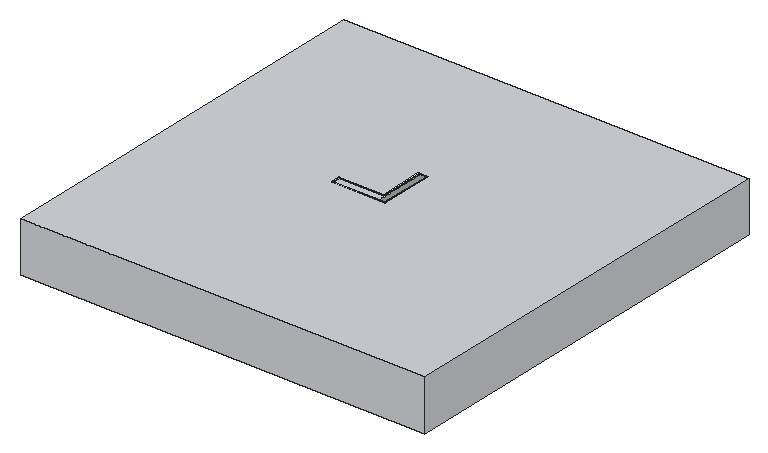
Revit family "LAMP_FIL 45 CORNER OPAL RECESSED", category Luminarias, Revit 2018
Family settings
  Anfitrión = Cara
  Cota de conector redondo = Diámetro de uso
  Tipo de pieza = Normal
  Corte con vacíos al cargar = No
  Origen de luz = Sí
  Compartido = No
  Punto de cálculo de habitación = No
Parameters (values of type "1300LM 3000K  BLACK")
  Ángulo de inclinación = -90.00°
  Weight = 1.32 kg
  Wattage = 4.43 W
  Type = "MID POWER TRIDONIC"
  built-in parameter 1150107 = 3000 (stored number, unit not read)
  Recessed dimensions = "846x51x0"
  built-in parameter 1150110 = 1 (stored number, unit not read)
  built-in parameter 1150109 = 1 (stored number, unit not read)
  built-in parameter 1150112 = 1 (stored number, unit not read)
  built-in parameter 1150113 = 1 (stored number, unit not read)
  built-in parameter 1114218 = 1 (stored number, unit not read)
  Protection rating = "IP20 / IK07"
  Product datasheet = "http://www.lamp.es/product-files/TECH/F41RECRMOOP830NB-EN.pdf"
  Product code = "F41RECRMOOP830NB"
  Product URL = "https://www.lamp.es/en/family/fil-45_413951"
  Power Supply = "220-240V 50/60Hz"
  Power = 8 W
  Plum = 9.3 W
  Photobiological risk = ""
  NOT COVER 2 [instance] = not(END COVER 2)  # no
  NOT COVER 1 [instance] = not(END COVER 1)  # no
  built-in parameter 1150137 = (empty or 0)
  built-in parameter 1150132 = 2
  Modelo = Product code  # "F41RECRMOOP830NB"
  Model Explanation = ""
  Material suspension = LAMP_Acero genérico
  Material perfil = LAMP_Aluminio Perfil Fil NG
  Material difusor = LAMP_PC Difusor Opal Fil
  Manufacturer name = "LAMP"
  Manufacturer country = "Spain"
  Manufacturer URL = "http://www.lamp.es/en"
  MacAdam = "3"
  Last update = "15/04/2021"
  Lamp = "MID-POWER LED"
  LED Lifetime = "70.000 L80 B10"
  built-in parameter 1150105 = 34.245 (stored number, unit not read)
  built-in parameter 1150102 = (empty or 0)
  Insulation class = "I"
  Installation instructions = "https://www.lamp.es/product-files/INS/1004580-C%20INSTR.%20FIL45.pdf"
  Indirect light = LAMP_FIL 45 CORNER OPAL RECESSED_INDIRECT : 1300LM 3000K
  built-in parameter 1150106 = 0.34245 (stored number, unit not read)
  IEE = "A+"
  Gear = "Electronic"
  Lumens = 430.33 lm
  Finish = "Matte black RAL 9011"
  Color Filter = 16777215
  built-in parameter 1114217 = 1 (stored number, unit not read)
  built-in parameter 1150139 = (empty or 0)
  Fabricante = Manufacturer name  # "LAMP"
  Default Elevation = 1219.2 mm
  built-in parameter 1150104 = 9.0246 (stored number, unit not read)
  Efficacy = 86.44 lm/W
  END COVER 2 [instance] = yes
  END COVER 1 [instance] = yes
  Dimensions = "318x318"
  Descripción = "FIL45 CORNER REC 1300 WW OPAL BK."
  built-in parameter 1150115 = 1 (stored number, unit not read)
  built-in parameter 1150114 = 1 (stored number, unit not read)
  built-in parameter 1150138 = (empty or 0)
  built-in parameter 1150134 = 3
  Dimming Lamp Color Temperature Shift = (empty or 0)
  CRI = "80"
  Archivo de red fotométrica = "F41RECRMOOP830NB.IES"
  built-in parameter 1150133 = 10 (stored number, unit not read)
Types (12, lengths in mm): name | built-in parameter 1150107 | Product datasheet | Product code | Plum | Modelo | Material perfil | built-in parameter 1150105 | Indirect light | built-in parameter 1150106 | Lumens | Finish | built-in parameter 1150104 | Efficacy | Descripción | Archivo de red fotométrica
  1300LM 3000K  BLACK | 3000 (stored number, unit not read) | "http://www.lamp.es/product-files/TECH/F41RECRMOOP830NB-EN.pdf" | "F41RECRMOOP830NB" | 9.3 W | "F41RECRMOOP830NB" | LAMP_Aluminio Perfil Fil NG | 34.245 (stored number, unit not read) | LAMP_FIL 45 CORNER OPAL RECESSED_INDIRECT : 1300LM 3000K | 0.34245 (stored number, unit not read) | 430.33 lm | "Matte black RAL 9011" | 9.0246 (stored number, unit not read) | 86.44 lm/W | "FIL45 CORNER REC 1300 WW OPAL BK." | "F41RECRMOOP830NB.IES"
  1300LM 3000K  GREY | 3000 (stored number, unit not read) | "http://www.lamp.es/product-files/TECH/F41RECRMOOP830NG-EN.pdf" | "F41RECRMOOP830NG" | 9.3 W | "F41RECRMOOP830NG" | LAMP_Aluminio Perfil Fil GR | 34.248 (stored number, unit not read) | LAMP_FIL 45 CORNER OPAL RECESSED_INDIRECT : 1300LM 3000K | 0.34248 (stored number, unit not read) | 430.375 lm | "Gloss grey" | 9.0255 (stored number, unit not read) | 86.44 lm/W | "FIL45 CORNER REC 1300 WW OPAL GR." | "F41RECRMOOP830NG.IES"
  1300LM 3000K  WHITE | 3000 (stored number, unit not read) | "http://www.lamp.es/product-files/TECH/F41RECRMOOP830NW-EN.pdf" | "F41RECRMOOP830NW" | 9.3 W | "F41RECRMOOP830NW" | LAMP_Aluminio Perfil Fil BL | 34.245 (stored number, unit not read) | LAMP_FIL 45 CORNER OPAL RECESSED_INDIRECT : 1300LM 3000K | 0.34245 (stored number, unit not read) | 430.33 lm | "Matte white RAL 9010" | 9.0246 (stored number, unit not read) | 86.44 lm/W | "FIL45 CORNER REC 1300 WW OPAL WH." | "F41RECRMOOP830NW.IES"
  1300LM 4000K  BLACK | 4000 (stored number, unit not read) | "http://www.lamp.es/product-files/TECH/F41RECRMOOP840NB-EN.pdf" | "F41RECRMOOP840NB" | 9.3 W | "F41RECRMOOP840NB" | LAMP_Aluminio Perfil Fil NG | 35.891 (stored number, unit not read) | LAMP_FIL 45 CORNER OPAL RECESSED_INDIRECT : 1300LM 4000K | 0.35891 (stored number, unit not read) | 451.018 lm | "Matte black RAL 9011" | 9.4585 (stored number, unit not read) | 90.8 lm/W | "FIL45 CORNER REC 1300 NW OPAL BK." | "F41RECRMOOP840NB.IES"
  1300LM 4000K  GREY | 4000 (stored number, unit not read) | "http://www.lamp.es/product-files/TECH/F41RECRMOOP840NG-EN.pdf" | "F41RECRMOOP840NG" | 9.3 W | "F41RECRMOOP840NG" | LAMP_Aluminio Perfil Fil GR | 35.891 (stored number, unit not read) | LAMP_FIL 45 CORNER OPAL RECESSED_INDIRECT : 1300LM 4000K | 0.35891 (stored number, unit not read) | 451.018 lm | "Gloss grey" | 9.4585 (stored number, unit not read) | 90.8 lm/W | "FIL45 CORNER REC 1300 NW OPAL GR." | "F41RECRMOOP840NG.IES"
  1300LM 4000K  WHITE | 4000 (stored number, unit not read) | "http://www.lamp.es/product-files/TECH/F41RECRMOOP840NW-EN.pdf" | "F41RECRMOOP840NW" | 9.3 W | "F41RECRMOOP840NW" | LAMP_Aluminio Perfil Fil BL | 35.891 (stored number, unit not read) | LAMP_FIL 45 CORNER OPAL RECESSED_INDIRECT : 1300LM 4000K | 0.35891 (stored number, unit not read) | 451.018 lm | "Matte white RAL 9010" | 9.4585 (stored number, unit not read) | 90.8 lm/W | "FIL45 CORNER REC 1300 NW OPAL WH." | "F41RECRMOOP840NW.IES"
  1300LM 3000K DALI BLACK | 3000 (stored number, unit not read) | "http://www.lamp.es/product-files/TECH/F41RECRMOOP830DB-EN.pdf" | "F41RECRMOOP830DB" | 9.6 W | "F41RECRMOOP830DB" | LAMP_Aluminio Perfil Fil NG | 34.245 (stored number, unit not read) | LAMP_FIL 45 CORNER OPAL RECESSED_INDIRECT : 1300LM 3000K | 0.34245 (stored number, unit not read) | 430.33 lm | "Matte black RAL 9011" | 9.0246 (stored number, unit not read) | 89.7 lm/W | "FIL45 CORNER REC 1300 WW OPAL DALI BK." | "F41RECRMOOP830nB.IES"
  1300LM 3000K DALI GREY | 3000 (stored number, unit not read) | "http://www.lamp.es/product-files/TECH/F41RECRMOOP830DG-EN.pdf" | "F41RECRMOOP830DG" | 9.6 W | "F41RECRMOOP830DG" | LAMP_Aluminio Perfil Fil GR | 34.245 (stored number, unit not read) | LAMP_FIL 45 CORNER OPAL RECESSED_INDIRECT : 1300LM 3000K | 0.34245 (stored number, unit not read) | 430.33 lm | "Gloss grey" | 9.0246 (stored number, unit not read) | 89.7 lm/W | "FIL45 CORNER REC 1300 WW OPAL DALI GR." | "F41RECRMOOP830nG.IES"
  1300LM 3000K DALI WHITE | 3000 (stored number, unit not read) | "http://www.lamp.es/product-files/TECH/F41RECRMOOP830DW-EN.pdf" | "F41RECRMOOP830DW" | 9.6 W | "F41RECRMOOP830DW" | LAMP_Aluminio Perfil Fil BL | 34.245 (stored number, unit not read) | LAMP_FIL 45 CORNER OPAL RECESSED_INDIRECT : 1300LM 3000K | 0.34245 (stored number, unit not read) | 430.33 lm | "Matte white RAL 9010" | 9.0246 (stored number, unit not read) | 89.7 lm/W | "FIL45 CORNER REC 1300 WW OPAL DALI WH." | "F41RECRMOOP830nW.IES"
  1300LM 4000K DALI BLACK | 4000 (stored number, unit not read) | "http://www.lamp.es/product-files/TECH/F41RECRMOOP840DB-EN.pdf" | "F41RECRMOOP840DB" | 9.6 W | "F41RECRMOOP840DB" | LAMP_Aluminio Perfil Fil NG | 35.891 (stored number, unit not read) | LAMP_FIL 45 CORNER OPAL RECESSED_INDIRECT : 1300LM 4000K | 0.35891 (stored number, unit not read) | 451.018 lm | "Matte black RAL 9011" | 9.4585 (stored number, unit not read) | 94.03 lm/W | "FIL45 CORNER REC 1300 NW OPAL DALI BK." | "F41RECRMOOP840nB.IES"
  1300LM 4000K DALI GREY | 4000 (stored number, unit not read) | "http://www.lamp.es/product-files/TECH/F41RECRMOOP840DG-EN.pdf" | "F41RECRMOOP840DG" | 9.6 W | "F41RECRMOOP840DG" | LAMP_Aluminio Perfil Fil GR | 35.891 (stored number, unit not read) | LAMP_FIL 45 CORNER OPAL RECESSED_INDIRECT : 1300LM 4000K | 0.35891 (stored number, unit not read) | 451.018 lm | "Gloss grey" | 9.4585 (stored number, unit not read) | 94.03 lm/W | "FIL45 CORNER REC 1300 NW OPAL DALI GR." | "F41RECRMOOP840nG.IES"
  1300LM 4000K DALI WHITE | 4000 (stored number, unit not read) | "http://www.lamp.es/product-files/TECH/F41RECRMOOP840DW-EN.pdf" | "F41RECRMOOP840DW" | 9.6 W | "F41RECRMOOP840DW" | LAMP_Aluminio Perfil Fil BL | 35.891 (stored number, unit not read) | LAMP_FIL 45 CORNER OPAL RECESSED_INDIRECT : 1300LM 4000K | 0.35891 (stored number, unit not read) | 451.018 lm | "Matte white RAL 9010" | 9.4585 (stored number, unit not read) | 94.03 lm/W | "FIL45 CORNER REC 1300 NW OPAL DALI WH." | "F41RECRMOOP840nW.IES"
Reference planes
  plane 1 "Centro (Frontal/Posterior)": y = 0
  plane 2: z = 0
  plane 3 "Centro (Izquierda/Derecha)": x = 0
Forms (mm)
  Extrusion 1, solid
    sketch origin (0, 0, 0) x (1, 0, 0) y (0, 1, 0)
      loop
        line (-1219.2, 1219.2) -> (-1219.2, -1219.2) -> (1219.2, -1219.2) -> (1219.2, 1219.2) -> (-1219.2, 1219.2)
    from 0 to -304.8
  Sweep 2, solid, material "LAMP_Aluminio Perfil Fil NG" <- "Material perfil"
    path origin (0, 0, 0) x (1, 0, 0) y (0, 1, 0)
      loop
        line (0, 290.5) -> (0, 0) -> (-290.5, 0)
    profile origin (-145.25, 0, 0) x (0, -1, 0) y (0, 0, 1)
      loop
        line (-17.8, -24) -> (-21.5, -24) -> (-21.5, 0) -> (-27.5, 0) -> (-27.5, -1.2) -> (-22.5, -1.2) -> (-22.5, -76.5) -> (22.5, -76.5) -> (22.5, -1.2) -> (27.5, -1.2) -> (27.5, 0) -> (21.5, 0) -> (21.5, -24) -> (17.8, -24) -> (0, -24) -> (-17.8, -24)
  Sweep 3, solid, material "LAMP_PC Difusor Opal Fil" <- "Material difusor"
    path origin (0, 0, 0) x (1, 0, 0) y (0, 1, 0)
      loop
        line (0, 290.5) -> (0, 0) -> (-290.5, 0)
    profile origin (-145.25, 0, 0) x (0, -1, 0) y (0, 0, 1)
      loop
        line (21.5, 0) -> (-21.5, 0) -> (-21.5, -1.2) -> (21.5, -1.2) -> (21.5, 0)
Text (mm)
  text "Any modification of the parameters and properties of the LAMP BIM models must be executed and validated by the LAMP technical department.\nPhone: +34 93 736 68 00\nE-mail: lamp@lamp.es\n\nLAMP reserves the right to modify the technical specifications of its products." at (3249.303, 5266.069, -2786.139), in view "Preview"
Dimensions and locks
  aligned and locked: plane 2 to Extrusion 1
  aligned and locked: level to Extrusion 1
Nested families
  nested 1: "LAMP_FIL 45 END COVER RECESSED" at (-291.5, 0, -76.5) x (0, -1, 0) z (0, 0, 1), visible <- "END COVER 1", type "Blanco"
  nested 2: "LAMP_FIL 45 END COVER RECESSED" at (0, 291.5, -76.5) x (-1, 0, 0) z (0, 0, 1), visible <- "END COVER 2", type "Blanco"
  nested 3: "LAMP_FIL 45 CORNER OPAL RECESSED_INDIRECT" at (-156, 0.307, -1500), type "1300LM 3000K"
Connectors
  electrical at (-96.833, 96.833, -76.5)
    settings: on Sweep 2, index 1, voltage 230 V, apparent load 0 VA, apparent load phase1 0 VA, apparent load phase2 0 VA, apparent load phase3 0 VA, power factor 1, load classification "Otro", number of poles 1, system type 31, power factor state 1, is connector primary yes, connector utility no, sub classification motor no, connector description ""
Definition of nested family "LAMP_FIL 45 END COVER RECESSED"
  Parameters (values of type "LAMP_FIL 45 END COVER RECESSED")
    Material tapa = none
  Reference planes
    plane 1 "Centro (Frontal/Posterior)": y = 0
    plane 2: z = 0
    plane 3 "Centro (Izquierda/Derecha)": x = 0
  Forms (mm)
    Extrusion 1, solid, material <- "Material tapa"
      sketch origin (0, 0, 76.8) x (0, -1, 0) y (0, 0, -1)
        loop
          line (1, 1.5) -> (1, 76.8) -> (-1, 76.8) -> (-1, 0.3) -> (4.5, 0.3) -> (4.5, 1.5) -> (1, 1.5)
      from -27.5 to 27.5
    Extrusion 2, void
      sketch origin (0, 0, 0) x (1, 0, 0) y (0, 0, 1)
        loop
          line (27.5, 75.3) -> (22.5, 75.3) -> (22.5, 0) -> (27.5, 0) -> (27.5, 75.3)
      from -23.5 to 23.5
    Extrusion 3, void
      sketch origin (0, 0, 0) x (1, 0, 0) y (0, 0, 1)
        loop
          line (-27.5, 75.3) -> (-27.5, 0) -> (-22.5, 0) -> (-22.5, 75.3) -> (-27.5, 75.3)
      from -23.5 to 23.5
  Cuts and joins
    Extrusion 2, Extrusion 3 cuts Extrusion 1
  Dimensions and locks
    aligned and locked: level to plane 2
Definition of nested family "LAMP_FIL 45 CORNER OPAL RECESSED_INDIRECT"
  Parameters (values of type "1300LM 4000K")
    Tilt Angle = -90.00°
    Wattage = 4.43 W
    built-in parameter 1150110 = 1 (stored number, unit not read)
    built-in parameter 1114217 = 1 (stored number, unit not read)
    built-in parameter 1150109 = 1 (stored number, unit not read)
    built-in parameter 1150134 = 12
    built-in parameter 1150113 = 1 (stored number, unit not read)
    Lumens = 451.018 lm
    built-in parameter 1150115 = 1 (stored number, unit not read)
    built-in parameter 1150105 = 171.57 (stored number, unit not read)
    built-in parameter 1150137 = (empty or 0)
    built-in parameter 1150139 = (empty or 0)
    built-in parameter 1150112 = 1 (stored number, unit not read)
    built-in parameter 1150114 = 1 (stored number, unit not read)
    built-in parameter 1150132 = 2
    built-in parameter 1150102 = (empty or 0)
    built-in parameter 1150138 = (empty or 0)
    built-in parameter 1150107 = 4000 (stored number, unit not read)
    built-in parameter 1150106 = 1.7157 (stored number, unit not read)
    built-in parameter 1150104 = 9.4585 (stored number, unit not read)
    Dimming Lamp Color Temperature Shift = (empty or 0)
    Color Filter = 16777215
    built-in parameter 1114218 = 1 (stored number, unit not read)
    Photometric Web File = "F41SF084MOOP840NB.IES"
    built-in parameter 1150133 = 10 (stored number, unit not read)
  Types (3, lengths in mm): name | built-in parameter 1150134 | Lumens | built-in parameter 1150105 | built-in parameter 1150107 | built-in parameter 1150106 | built-in parameter 1150104 | Photometric Web File
    (no name) | 12 | 451.018 lm | 171.57 (stored number, unit not read) | 4000 (stored number, unit not read) | 1.7157 (stored number, unit not read) | 9.4585 (stored number, unit not read) | "F41SF084MOOP840NB.IES"
    1300LM 3000K | (empty or 0) | 430.33 lm | 34.245 (stored number, unit not read) | 3000 (stored number, unit not read) | 0.34245 (stored number, unit not read) | 9.0246 (stored number, unit not read) | "F41SF084MOOP830NB.IES"
    1300LM 4000K | 12 | 451.018 lm | 171.57 (stored number, unit not read) | 4000 (stored number, unit not read) | 1.7157 (stored number, unit not read) | 9.4585 (stored number, unit not read) | "F41SF084MOOP840NB.IES"
  Reference planes
    plane 1 "Eje de origen de luz (F/P)": y = 0
    plane 2: z = 0
    plane 3 "Eje de origen de luz (I/D)": x = 0
    plane 4 "Elevación de origen de luz": z = 1500
  Dimensions and locks
    aligned and locked: plane 3 "Eje de origen de luz (I/D)" to imposter light
    aligned and locked: plane 1 "Eje de origen de luz (F/P)" to imposter light
    aligned and locked: plane 4 "Elevación de origen de luz" to imposter light
    aligned and locked: level to plane 2
